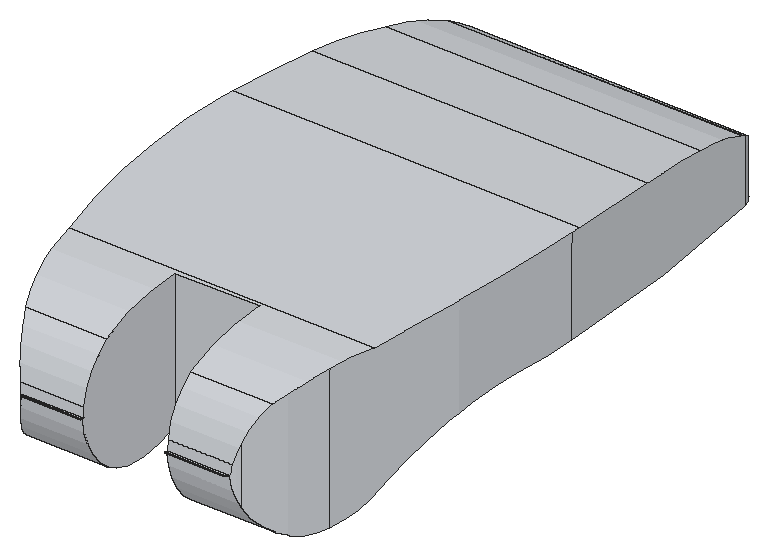
Revit family "Lighting-Stradale-GEWISS-STREET[O3]-ARMATURE-LED_OTTICA_CICLOPEDONALE", category Apparecchi per illuminazione, Revit 2019
Family settings
  Quota connettore circolare = Usa diametro
  Tipo di parte = Normale
  Numero OmniClass = 23.80.70.00
  Titolo OmniClass = Lighting
  Basato su piano di lavoro = No
  Sempre verticale = Sì
  Taglio con vuoti quando caricato = No
  Sorgente d'illuminazione = No
  Condiviso = No
  Punto di calcolo locali = No
Parameters (values of type "GWS7111 - STREET LED 2M 4000K 700mA CICLOP")
  Voltaggio = 230 V
  Visibility_label [instance] = yes
  Vetro = GEWISS - Led - lm 650 / Temp_3000_K
  Versione file RFA = "20.11"
  URL = "https://www.gewiss.com/it/it"
  Tipologia = "Stand alone"
  Tipo versione = ""
  Tipo alimentatore = "Driver Led in corrente continua"
  Tensione: = "220/240 V - 50/60 Hz"
  Tensione = "220/240 V - 50/60 Hz - Stand alone e/o dimmerabile 1-10 V"
  Temperatura di utilizzo = "-25 +35 °C"
  Temperatura di funzionamento = "-25 +25 °C"
  Temperatura di colore: = "4000 K (CRI 70)"
  Temperatura di colore = "4000 K (CRI 70)"
  Superficie massima esposta al vento = "0,26M2"
  Struttura = none
  Spostamento_Y_etichetta [instance] = 0 mm
  Spostamento_Y_effettivo_etichetta [instance] = 1500 mm + Spostamento_Y_etichetta  # 1500 mm
  Spostamento_X_etichetta [instance] = 0 mm
  Spostamento_X_effettivo_etichetta [instance] = 1500 mm - Spostamento_X_etichetta  # 1500 mm
  Scheda Tecnica = "https://www.gewiss.com/it/it/search?q=GWS7111"
  SIMBOLO [instance] = yes
  SEO = "Stradale"
  Rischio fotobiologico: = "RG1/RG2 @ 20cm"
  Rischio fotobiologico = "RG1/RG2 @ 20cm"
  Resistenza agli urti = "IK08 CORPO - IK06 LENTI"
  Regolazione inclinazione = "±20° sbraccio - 0°÷20° testa palo"
  Produttore = "GEWISS S.p.A."
  Potenza di sistema = "68W"
  Peso (kg): = "9,1"
  Peso (kg) = "9,1"
  Ottica = "Ciclopedonale - ULOR: 0%"
  Offset etichetta W [instance] = 75 mm
  Numero moduli = "2 (2x16 LED)"
  Numero di poli = 2
  N. moduli Chorus = "2 (2x16 LED)"
  Modello = "GWS7111"
  Materiale = "Pressofusione di alluminio"
  Lumen output (lm) = "6330"
  Lampada: = "LED"
  Lampada = "LED"
  L_staffa = 120 mm
  LED LifeTime (L90B20) = "50000H"
  LED LifeTime (L80B20) = "50000H"
  LED Life time (L80B10) = "100000H"
  Immagine tipo = GWS7001.jpg
  IFC.TypeObject = ""
  IFC.ExportType = ""
  IFC.ExportAs = ""
  IDT = "fe79b716-81a6-4571-bc62-3b977ad29964"
  IDF = "5129b26e-1484-42cf-ac1d-f4a2ab76f4d2"
  Grado di protezione = "IP66"
  Garanzia = "5 anni"
  FunzionalitÃ  alimentatore = ""
  Flusso nominale (lm) = "8050"
  ETICHETTA W [instance] = yes
  Distanza minima dall'oggetto illuminato = "1M"
  Descrizione = "STREET LED 2M 4000K 700mA CICLOPEDONALE"
  Creato da GEWISS S.p.A. = ""
  Corrente di pilotaggio LED = "700 mA"
  Commenti sul wattaggio = "68W"
  Colore = "Grafite/Alluminio"
  Codice Electrocod = "244C"
  Codice EAN = "8011564804913"
  Classe isolamento = "II"
  Catalogo Serie = "STREET [O3]"
  Catalogo = "LIGHTING"
  Carico apparente = 68 VA
  COBie.Tagnumber = ""
  COBie.CreatedOn = ""
  COBie.CreatebBy = ""
  COBie.ComponentRegisterItemID = ""
  COBie.Component.TagNumber = ""
  COBie.Component.Space = ""
  COBie.Component.SerialNumber = ""
  COBie.Component.InstallationDate = ""
  COBie.Component.Description = ""
  COBie.Component.BarCode = ""
  BIDIMENSIONALE [instance] = not(SIMBOLO)  # no
  Applicazione = "Esterno"
  Altezza da terra testa staffa = 821.938 mm
Types (7, lengths in mm): name | Tipologia | Tipo alimentatore | Tensione | Temperatura di utilizzo | Temperatura di funzionamento | Temperatura di colore: | Temperatura di colore | Scheda Tecnica | Rischio fotobiologico | Potenza di sistema | Peso (kg): | Peso (kg) | Numero moduli | N. moduli Chorus | Modello | Materiale | Lumen output (lm) | LED LifeTime (L90B20) | LED Life time (L80B10) | IDT | Flusso nominale (lm) | Descrizione | Commenti sul wattaggio | Codice Electrocod | Codice EAN | Carico apparente
  (no name) | "Stand alone" | "Driver Led in corrente continua" | "220/240 V - 50/60 Hz - Stand alone e/o dimmerabile 1-10 V" | "-25 +35 °C" | "-25 +25 °C" | "4000 K (CRI 70)" | "4000 K (CRI 70)" | "https://www.gewiss.com/it/it/search?q=GWS7111" | "RG1/RG2 @ 20cm" | "68W" | "9,1" | "9,1" | "2 (2x16 LED)" | "2 (2x16 LED)" | "GWS7111" | "Pressofusione di alluminio" | "6330" | "50000H" | "100000H" | "fe79b716-81a6-4571-bc62-3b977ad29964" | "8050" | "STREET LED 2M 4000K 700mA CICLOPEDONALE" | "37W" | "244C" | "8011564804913" | 37 VA
  GWS7110 - STREET LED 1M 4000K 700mA CICLOP | "Stand alone" | "Driver Led in corrente continua" | "220/240 V - 50/60 Hz - Stand alone e/o dimmerabile 1-10 V" | "-25 +50 °C" | "-25 +25 °C" | "4000 K (CRI 70)" | "4000 K (CRI 70)" | "https://www.gewiss.com/it/it/search?q=GWS7110" | "RG1/RG2 @ 20cm" | "37W" | "8,5" | "8,5" | "1 (1x16 LED)" | "1 (1x16 LED)" | "GWS7110" | "Pressofusione di alluminio" | "3260" | "50000H" | "100000H" | "a0fb25a0-4e68-46a8-b0df-ea001d265249" | "4140" | "STREET LED 1M 4000K 700mA CICLOPEDONALE" | "37W" | "244C" | "8011564804807" | 37 VA
  GWS7111 - STREET LED 2M 4000K 700mA CICLOP | "Stand alone" | "Driver Led in corrente continua" | "220/240 V - 50/60 Hz - Stand alone e/o dimmerabile 1-10 V" | "-25 +35 °C" | "-25 +25 °C" | "4000 K (CRI 70)" | "4000 K (CRI 70)" | "https://www.gewiss.com/it/it/search?q=GWS7111" | "RG1/RG2 @ 20cm" | "68W" | "9,1" | "9,1" | "2 (2x16 LED)" | "2 (2x16 LED)" | "GWS7111" | "Pressofusione di alluminio" | "6330" | "50000H" | "100000H" | "fe79b716-81a6-4571-bc62-3b977ad29964" | "8050" | "STREET LED 2M 4000K 700mA CICLOPEDONALE" | "68W" | "244C" | "8011564804913" | 68 VA
  GWS7112 - STREET LED 3M 4000K 700mA CICLOP | "Stand alone" | "Driver Led in corrente continua" | "220/240 V - 50/60 Hz - Stand alone e/o dimmerabile 1-10 V" | "-25 +40 °C" | "-25 +25 °C" | "4000 K (CRI 70)" | "4000 K (CRI 70)" | "https://www.gewiss.com/it/it/search?q=GWS7112" | "RG1/RG2 @ 20cm" | "99W" | "9,6" | "9,6" | "3 (3x16 LED)" | "3 (3x16 LED)" | "GWS7112" | "Pressofusione di alluminio" | "9250" | "50000H" | "100000H" | "eb20ed4a-0eb5-4fdf-99d6-42564c8ce0b6" | "11740" | "STREET LED 3M 4000K 700mA CICLOPEDONALE" | "99W" | "244B" | "8011564804920" | 99 VA
  GWS7110V - STREET LED 1M 4000K 700mA CICLOP | "Programmabile (5 passi)" | "" | "220/240 V - 50/60 Hz - Stand alone e/o Programmabile" | "-25 +25 °C" | "" | "4000 K (CRI>70)" | "" | "https://www.gewiss.com/it/it/search?q=GWS7110V" | "" | "37W" | "8,5" | "" | "1 (1x16 LED)" | "" | "GWS7110V" | "" | "3260" | "" | "" | "2ec8a7a59c8c4ecd96e902750527e753" | "4140" | "STREET LED 1M 4000K 700mA CICLOP" | "37W" | "244C" | "" | 37 VA
  GWS7111V - STREET LED 2M 4000K 700mA CICLOP | "Programmabile (5 passi)" | "" | "220/240 V - 50/60 Hz - Stand alone e/o Programmabile" | "-25 +25 °C" | "" | "4000 K (CRI>70)" | "" | "https://www.gewiss.com/it/it/search?q=GWS7111V" | "" | "68W" | "9,09999999999999" | "" | "2 (2x16 LED)" | "" | "GWS7111V" | "" | "6330" | "" | "" | "2d757fb52362451291b8892b263916a1" | "8050" | "STREET LED 2M 4000K 700mA CICLOP" | "68W" | "244C" | "" | 68 VA
  GWS7112V - STREET LED 3M 4000K 700mA CICLOP | "Programmabile (5 passi)" | "" | "220/240 V - 50/60 Hz - Stand alone e/o Programmabile" | "-25 +25 °C" | "" | "4000 K (CRI>70)" | "" | "https://www.gewiss.com/it/it/search?q=GWS7112V" | "" | "99W" | "9,59999999999999" | "" | "3 (3x16 LED)" | "" | "GWS7112V" | "" | "9250" | "" | "" | "2a1c5ae46678455ea16e05335c72e720" | "11740" | "STREET LED 3M 4000K 700mA CICLOP" | "99W" | "244B" | "" | 99 VA
Reference planes
  plane 1 "Centro (Fronte/Retro)": y = 0
  plane 2: z = 0
  plane 3 "Centro (Sinistra/Destra)": x = 0
  plane 4 "led": z = 1095.365
  plane 5: z = -92
  plane 6: z = 169
  plane 7: z = 144
  plane 8: z = -3
  plane 9: x = -1500
  plane 10: y = -1500
  plane 11: y = 0
  plane 12: x = 0
Forms (mm)
  Extrusion 1, solid
    sketch origin (0, -69.915, 0) x (1, 0, 0) y (0, 1, 0)
      loop
        arc (-148.369, 708.85) -> (-161.088, 701.122) -> (-167.86, 687.87) r 27.287
        arc (-167.86, 687.87) -> (-190.309, 543.599) -> (-200.613, 397.956) r 1744.28
        arc (-200.613, 397.956) -> (-193.473, 245.187) -> (-163.443, 95.229) r 1014.191
        arc (-163.443, 95.229) -> (-148.364, 53.068) -> (-127.521, 13.439) r 318.465
        arc (-127.521, 13.439) -> (-121.67, 6.813) -> (-113.954, 2.501) r 26.295
        line (-113.954, 2.501) -> (-49.198, 2.501) -> (-49.198, 137.329) -> (47.802, 138.583) -> (47.802, 2.502) -> (113.955, 2.502)
        arc (113.955, 2.502) -> (121.67, 6.814) -> (127.521, 13.439) r 26.295
        arc (127.521, 13.439) -> (148.364, 53.068) -> (163.443, 95.229) r 318.465
        arc (163.443, 95.229) -> (193.473, 245.187) -> (200.613, 397.956) r 1014.191
        arc (200.613, 397.956) -> (190.309, 543.599) -> (167.86, 687.87) r 1744.28
        arc (167.86, 687.87) -> (160.933, 701.288) -> (147.93, 708.968) r 27.287
        arc (147.93, 708.968) -> (-0.228, 728.984) -> (-148.369, 708.85) r 556.679
    from -91.533 to 144
  Extrusion 2, void
    sketch origin (0, -72.415, -1095.365) x (0, 1, 0) y (0, 0, 1)
      loop
        line (688.634, 1095.364) -> (323.86, 1095.365)
        arc (323.86, 1095.365) -> (263.459, 1089.221) -> (205.531, 1071.043) r 299.999
        arc (205.531, 1071.043) -> (173.188, 1054.998) -> (142.802, 1035.498) r 328.156
        arc (142.802, 1035.498) -> (108.513, 1022.814) -> (71.972, 1021.648) r 113.881
        arc (71.972, 1021.648) -> (26.51, 1048.717) -> (8.217, 1098.365) r 79.247
        line (8.217, 1098.365) -> (5.002, 1098.365) -> (5.002, 1003.832) -> (731.484, 1003.832) -> (731.484, 1129.989)
        arc (731.484, 1129.989) -> (729.037, 1130.708) -> (726.583, 1131.409) r 350.56
        arc (726.583, 1131.409) -> (714.803, 1105.812) -> (688.634, 1095.364) r 38
    from -250.415 to 250
  Extrusion 3, void
    sketch origin (0, -72.415, -1094.912) x (0, 1, 0) y (0, 0, 1)
      loop
        line (683.93, 1169.668) -> (687.592, 1167.887)
        arc (687.592, 1167.887) -> (717.132, 1148.356) -> (740.002, 1121.318) r 124.886
        line (740.002, 1121.318) -> (740.002, 1263.912) -> (5.002, 1263.912) -> (5.002, 1098.863) -> (8.572, 1098.863)
        arc (8.572, 1098.863) -> (9.034, 1104.506) -> (9.836, 1110.111) r 93.455
        arc (9.836, 1110.111) -> (20.97, 1140.802) -> (41.983, 1165.79) r 93.455
        arc (41.983, 1165.79) -> (92.961, 1183.825) -> (146.686, 1189.963) r 239.488
        arc (146.686, 1189.963) -> (279.294, 1202.642) -> (412.472, 1205.668) r 1835.264
        arc (412.472, 1205.668) -> (465.948, 1204.556) -> (519.402, 1202.672) r 3708.846
        arc (519.402, 1202.672) -> (564.806, 1199.024) -> (609.805, 1191.96) r 603.307
        arc (609.805, 1191.96) -> (647.763, 1183.793) -> (683.93, 1169.668) r 242.275
    from -220.356 to 250
  Extrusion 4, void
    sketch origin (0, -72.415, 1095.365) x (0, -1, 0) y (1, 0, 0)
      loop
        arc (-616.943, -129.057) -> (-510.953, -137.961) -> (-405.191, -126.663) r 559.959
        arc (-405.191, -126.663) -> (-399.103, -123.067) -> (-396.665, -116.429) r 10.527
        line (-396.665, -116.429) -> (-396.665, 116.23)
        arc (-396.665, 116.23) -> (-399.043, 122.98) -> (-405.188, 126.649) r 10.526
        arc (-405.188, 126.649) -> (-510.973, 137.948) -> (-616.987, 129.035) r 559.959
        arc (-616.987, 129.035) -> (-623.275, 125.395) -> (-625.707, 118.549) r 10.526
        line (-625.707, 118.549) -> (-625.707, -0.007) -> (-625.707, -118.579)
        arc (-625.707, -118.579) -> (-623.256, -125.432) -> (-616.943, -129.057) r 10.527
    from -1098.365 to -1092.365
  Extrusion 5, solid, material "GEWISS - Led - lm 650 / Temp_3000_K" <- "Vetro"
    sketch origin (0, 0, 1095.365) x (0, -1, 0) y (1, 0, 0)
      loop
        arc (-616.943, -129.057) -> (-510.953, -137.961) -> (-405.191, -126.663) r 559.959
        arc (-405.191, -126.663) -> (-399.103, -123.067) -> (-396.665, -116.429) r 10.527
        line (-396.665, -116.429) -> (-396.665, 116.23)
        arc (-396.665, 116.23) -> (-399.043, 122.98) -> (-405.188, 126.649) r 10.526
        arc (-405.188, 126.649) -> (-510.973, 137.948) -> (-616.987, 129.035) r 559.959
        arc (-616.987, 129.035) -> (-623.275, 125.395) -> (-625.707, 118.549) r 10.526
        line (-625.707, 118.549) -> (-625.707, -0.007) -> (-625.707, -118.579)
        arc (-625.707, -118.579) -> (-623.256, -125.432) -> (-616.943, -129.057) r 10.527
    from -1098.365 to -1095.365
Cuts and joins
  Extrusion 2, Extrusion 3, Extrusion 4 cuts Extrusion 1
Lines and regions (mm)
  Masking region 1, visible <- "BIDIMENSIONALE"
    outline origin (0, -72.415, 0) x (1, 0, 0) y (0, 1, 0)
      loop
        arc (-163.443, 97.729) -> (-148.364, 55.568) -> (-127.521, 15.939) r 318.465
        arc (-127.521, 15.939) -> (-121.67, 9.313) -> (-113.954, 5.001) r 26.295
        line (-113.954, 5.001) -> (-49.198, 5.001) -> (-49.198, 139.829) -> (47.802, 139.829) -> (47.802, 5.002) -> (113.955, 5.002)
        arc (113.955, 5.002) -> (121.67, 9.314) -> (127.521, 15.939) r 26.295
        arc (127.521, 15.939) -> (148.364, 55.568) -> (163.443, 97.729) r 318.465
        arc (163.443, 97.729) -> (193.473, 247.687) -> (200.613, 400.456) r 1014.191
        arc (200.613, 400.456) -> (190.309, 546.099) -> (167.86, 690.37) r 1744.28
        arc (167.86, 690.37) -> (160.842, 703.703) -> (147.93, 711.468) r 27.998
        arc (147.93, 711.468) -> (-0.228, 731.484) -> (-148.369, 711.35) r 556.679
        arc (-148.369, 711.35) -> (-161.088, 703.622) -> (-167.86, 690.37) r 27.287
        arc (-167.86, 690.37) -> (-190.309, 546.099) -> (-200.613, 400.456) r 1744.28
        arc (-200.613, 400.456) -> (-193.473, 247.687) -> (-163.443, 97.729) r 1014.191
  Masking region 2
    outline origin (0.15, 0, -1127.191) x (1, 0, 0) y (0, 0, 1)
      loop
        line (216.631, 1238.912) -> (-233.592, 1238.912) -> (-233.592, 1114.595) -> (216.631, 1114.595) -> (216.631, 1238.912)
  Masking region 3
    outline origin (0.15, 0, -1127.191) x (1, 0, 0) y (0, 0, 1)
      loop
        line (40.421, 1050.94) -> (176.081, 1050.94)
        spline (176.081, 1050.94) -> (178.783, 1060.222) -> (181.45, 1068.838) -> (184.075, 1076.767) -> (186.653, 1083.99) -> (189.177, 1090.489) -> (191.64, 1096.248) -> (194.037, 1101.252) -> (196.361, 1105.49) -> (198.608, 1108.951) -> (200.77, 1111.626) -> (202.844, 1113.509) -> (204.824, 1114.595)
        line (204.824, 1114.595) -> (-222.524, 1114.595)
        spline (-222.524, 1114.595) -> (-220.394, 1113.595) -> (-218.186, 1111.782) -> (-215.904, 1109.161) -> (-213.554, 1105.739) -> (-211.142, 1101.523) -> (-208.674, 1096.525) -> (-206.156, 1090.757) -> (-203.594, 1084.234) -> (-200.995, 1076.971) -> (-198.366, 1068.988) -> (-195.712, 1060.304) -> (-193.041, 1050.94)
        line (-193.041, 1050.94) -> (-56.362, 1051.009)
        spline (-56.362, 1051.009) -> (-56.021, 1053.409) -> (-55.614, 1055.768) -> (-55.141, 1058.083) -> (-54.603, 1060.355) -> (-54, 1062.582) -> (-53.332, 1064.763) -> (-52.6, 1066.897) -> (-51.803, 1068.984) -> (-50.942, 1071.023) -> (-50.017, 1073.013) -> (-49.029, 1074.953) -> (-47.979, 1076.842)
        spline (-47.979, 1076.842) -> (-47.674, 1077.194) -> (-47.291, 1077.529) -> (-46.836, 1077.845) -> (-46.313, 1078.138) -> (-45.726, 1078.404) -> (-45.084, 1078.641) -> (-44.392, 1078.846) -> (-43.658, 1079.018) -> (-42.89, 1079.153) -> (-42.096, 1079.251) -> (-41.285, 1079.311) -> (-40.465, 1079.331)
        spline (-40.465, 1079.331) -> (-34.853, 1079.503) -> (-29.237, 1079.637) -> (-23.616, 1079.732) -> (-17.993, 1079.79) -> (-12.369, 1079.809) -> (-6.745, 1079.789) -> (-1.122, 1079.732) -> (4.498, 1079.636) -> (10.115, 1079.502) -> (15.726, 1079.33) -> (21.332, 1079.12) -> (26.929, 1078.871)
        spline (26.929, 1078.871) -> (27.63, 1078.802) -> (28.312, 1078.702) -> (28.972, 1078.573) -> (29.603, 1078.415) -> (30.202, 1078.231) -> (30.762, 1078.02) -> (31.28, 1077.786) -> (31.752, 1077.529) -> (32.173, 1077.252) -> (32.54, 1076.958) -> (32.851, 1076.647) -> (33.103, 1076.324)
        spline (33.103, 1076.324) -> (34.027, 1074.475) -> (34.895, 1072.576) -> (35.707, 1070.626) -> (36.462, 1068.626) -> (37.159, 1066.578) -> (37.799, 1064.482) -> (38.381, 1062.338) -> (38.906, 1060.148) -> (39.372, 1057.913) -> (39.781, 1055.632) -> (40.13, 1053.308) -> (40.421, 1050.94)
  Masking region 4
    outline origin (0, -75, -1096.603) x (0, 1, 0) y (0, 0, 1)
      loop
        arc (146.686, 1189.963) -> (92.961, 1183.825) -> (41.983, 1165.79) r 239.488
        arc (41.983, 1165.79) -> (17.055, 1133.245) -> (8.454, 1093.162) r 93.455
        arc (8.454, 1093.162) -> (28.207, 1046.742) -> (71.972, 1021.648) r 79.247
        arc (71.972, 1021.648) -> (108.513, 1022.814) -> (142.802, 1035.498) r 113.881
        arc (142.802, 1035.498) -> (173.188, 1054.998) -> (205.531, 1071.043) r 328.156
        arc (205.531, 1071.043) -> (263.459, 1089.221) -> (323.86, 1095.365) r 299.999
        line (323.86, 1095.365) -> (688.634, 1095.364)
        arc (688.634, 1095.364) -> (714.803, 1105.812) -> (726.583, 1131.409) r 38
        arc (726.583, 1131.409) -> (729.037, 1130.708) -> (731.484, 1129.989) r 350.56
        line (731.484, 1129.989) -> (731.484, 1133.282)
        arc (731.484, 1133.282) -> (711.045, 1153.427) -> (686.547, 1168.375) r 124.886
        arc (686.547, 1168.375) -> (649.16, 1183.369) -> (609.805, 1191.96) r 242.275
        arc (609.805, 1191.96) -> (564.806, 1199.024) -> (519.402, 1202.672) r 603.307
        arc (519.402, 1202.672) -> (465.948, 1204.556) -> (412.472, 1205.668) r 3708.846
        arc (412.472, 1205.668) -> (279.294, 1202.642) -> (146.686, 1189.963) r 1835.264
  symbolic lines, style "InvisibleLines"
    curve 1: line (-0.698, -25, 1095.365) -> (-0.698, 30, 1095.365)
    curve 2: line (29.302, 0, 1095.365) -> (-20.698, 0, 1095.365)
    curve 3: line (0, 0, 45) -> (0, 0, -35)
    curve 4: line (0, 0, 35) -> (0, 0, -35)
Dimensions and locks
  locked: plane 6 to plane 7 at 25
  locked: plane 2 to plane 5 at 92
  locked: level to plane 8 at 3
  plane 9 to plane 3 "Centro (Sinistra/Destra)" = 1500 mm
  plane 10 to plane 1 "Centro (Fronte/Retro)" = 1500 mm
  "Spostamento_Y_effettivo_etichetta": plane 11 to plane 10
  "Spostamento_X_effettivo_etichetta": plane 9 to plane 12
  aligned and locked: level to plane 2
  aligned and locked: Extrusion 1 to Extrusion 2
  aligned and locked: plane 7 to Extrusion 1
  aligned and locked: Extrusion 5 to plane 8
  aligned and locked: plane 2 to Extrusion 5
  aligned and locked: Extrusion 4 to plane 8
  aligned and locked: Extrusion 2 to Extrusion 4
  aligned and locked: nested 1 to plane 1 "Centro (Fronte/Retro)"
  aligned and locked: nested 2 to plane 11
  aligned and locked: plane 12 to nested 2
Automatic sketch dimensions
  curve 3 to plane 1 "Centro (Fronte/Retro)" = 0 mm
  curve 3 to plane 8 = 32 mm
  level to curve 4 = 35 mm
  curve 4 to curve 3 = 10 mm
  Extrusion 1 sketch curve to plane 9 = 42.945 mm
  Extrusion 1 sketch curve to plane 1 "Centro (Fronte/Retro)" = 298.871 mm  (x2)
  Extrusion 1 sketch curve to plane 3 "Centro (Sinistra/Destra)" = 143.219 mm
  Extrusion 1 sketch curve to plane 3 "Centro (Sinistra/Destra)" = 141.097 mm
  Extrusion 1 sketch curve to plane 3 "Centro (Sinistra/Destra)" = 113.954 mm
  Extrusion 1 sketch curve to Extrusion 1 sketch curve = 8.788 mm  (x2)
  Extrusion 1 sketch curve to plane 3 "Centro (Sinistra/Destra)" = 49.198 mm
  Extrusion 1 sketch curve to plane 3 "Centro (Sinistra/Destra)" = 0.007 mm
  plane 3 "Centro (Sinistra/Destra)" to Extrusion 1 sketch curve = 47.802 mm
  Extrusion 1 sketch curve to Extrusion 1 sketch curve = 57.365 mm
  plane 3 "Centro (Sinistra/Destra)" to Extrusion 1 sketch curve = 141.097 mm
  Extrusion 1 sketch curve to Extrusion 1 sketch curve = 95.417 mm
  Extrusion 1 sketch curve to Extrusion 1 sketch curve = 669.939 mm
  Extrusion 1 sketch curve to Extrusion 1 sketch curve = 729.787 mm
  Extrusion 1 sketch curve to plane 1 "Centro (Fronte/Retro)" = 277.872 mm  (x2)
  Extrusion 1 sketch curve to plane 1 "Centro (Fronte/Retro)" = 111.213 mm  (x2)
  Extrusion 1 sketch curve to plane 1 "Centro (Fronte/Retro)" = 102.39 mm
  Extrusion 1 sketch curve to Extrusion 1 sketch curve = 33.723 mm
  Extrusion 1 sketch curve to Extrusion 1 sketch curve = 34.976 mm
  plane 1 "Centro (Fronte/Retro)" to Extrusion 1 sketch curve = 42.631 mm  (x2)
  Extrusion 1 sketch curve to Extrusion 1 sketch curve = 24.783 mm  (x2)
  Extrusion 1 sketch curve to Extrusion 1 sketch curve = 501.421 mm
  Extrusion 1 sketch curve to Extrusion 1 sketch curve = 0 mm  (x8)
  Extrusion 1 sketch curve to plane 3 "Centro (Sinistra/Destra)" = 200.613 mm
  Extrusion 1 sketch curve to Extrusion 1 sketch curve = 6.833 mm
  plane 5 to Extrusion 2 sketch curve = 0.467 mm
  plane 1 "Centro (Fronte/Retro)" to Extrusion 2 sketch curve = 67.414 mm
  Extrusion 2 sketch curve to Extrusion 2 sketch curve = 3.216 mm
  Extrusion 2 sketch curve to plane 1 "Centro (Fronte/Retro)" = 14.245 mm
  level to Extrusion 2 sketch curve = 4.003 mm
  Extrusion 2 sketch curve to plane 1 "Centro (Fronte/Retro)" = 15.042 mm
  Extrusion 2 sketch curve to plane 1 "Centro (Fronte/Retro)" = 251.444 mm
  Extrusion 2 sketch curve to Extrusion 2 sketch curve = 11.106 mm
  Extrusion 2 sketch curve to Extrusion 2 sketch curve = 296.536 mm
  Extrusion 2 sketch curve to level = 0 mm
  Extrusion 2 sketch curve to Extrusion 2 sketch curve = 57.132 mm
  Extrusion 2 sketch curve to Extrusion 2 sketch curve = 0 mm  (x3)
  Extrusion 2 sketch curve to Extrusion 2 sketch curve = 42.851 mm
  Extrusion 2 sketch curve to plane 5 = 207.999 mm
  Extrusion 2 sketch curve to plane 5 = 209.375 mm
  Extrusion 2 sketch curve to Extrusion 2 sketch curve = 25.874 mm
  level to Extrusion 2 sketch curve = 3 mm
  level to Extrusion 2 sketch curve = 34.625 mm
  level to Extrusion 2 sketch curve = 38 mm
  Extrusion 2 sketch curve to Extrusion 2 sketch curve = 35.21 mm
  plane 1 "Centro (Fronte/Retro)" to Extrusion 2 sketch curve = 0.443 mm
  plane 5 to Extrusion 2 sketch curve = 32.133 mm
  level to Extrusion 2 sketch curve = 0 mm
  Extrusion 2 sketch curve to Extrusion 2 sketch curve = 118.329 mm
  Extrusion 3 sketch curve to Extrusion 3 sketch curve = 0 mm  (x4)
  Extrusion 3 sketch curve to plane 6 = 0 mm
  plane 1 "Centro (Fronte/Retro)" to Extrusion 3 sketch curve = 67.414 mm
  Extrusion 3 sketch curve to Extrusion 3 sketch curve = 3.571 mm
  Extrusion 3 sketch curve to level = 0.838 mm
  Extrusion 3 sketch curve to plane 1 "Centro (Fronte/Retro)" = 29.489 mm
  Extrusion 3 sketch curve to plane 1 "Centro (Fronte/Retro)" = 74.419 mm
  Extrusion 3 sketch curve to plane 1 "Centro (Fronte/Retro)" = 289.683 mm
  Extrusion 3 sketch curve to plane 1 "Centro (Fronte/Retro)" = 315.13 mm
  Extrusion 3 sketch curve to plane 1 "Centro (Fronte/Retro)" = 421.399 mm
  Extrusion 3 sketch curve to plane 5 = 51.129 mm
  Extrusion 3 sketch curve to Extrusion 3 sketch curve = 84.174 mm
  Extrusion 3 sketch curve to plane 8 = 36.913 mm
  Extrusion 3 sketch curve to Extrusion 3 sketch curve = 56.191 mm
  Extrusion 3 sketch curve to plane 7 = 69.245 mm
  Extrusion 3 sketch curve to Extrusion 3 sketch curve = 49.751 mm
  Extrusion 3 sketch curve to plane 7 = 71.025 mm
  Extrusion 3 sketch curve to Extrusion 3 sketch curve = 3.662 mm
  Extrusion 3 sketch curve to Extrusion 3 sketch curve = 52.41 mm
  Extrusion 3 sketch curve to plane 5 = 52.437 mm
  Extrusion 3 sketch curve to Extrusion 3 sketch curve = 351.876 mm
  Extrusion 3 sketch curve to Extrusion 3 sketch curve = 1229.335 mm
  Extrusion 3 sketch curve to Extrusion 3 sketch curve = 1873.409 mm
  level to Extrusion 3 sketch curve = 3.951 mm
  Extrusion 3 sketch curve to Extrusion 3 sketch curve = 1.263 mm
  plane 1 "Centro (Fronte/Retro)" to Extrusion 3 sketch curve = 30.433 mm
  Extrusion 3 sketch curve to plane 7 = 48.949 mm
  plane 3 "Centro (Sinistra/Destra)" to Extrusion 4 sketch curve = 118.549 mm
  Extrusion 4 sketch curve to plane 1 "Centro (Fronte/Retro)" = 553.292 mm
  Extrusion 4 sketch curve to Extrusion 4 sketch curve = 10.525 mm
  Extrusion 4 sketch curve to Extrusion 4 sketch curve = 10.526 mm  (x2)
  Extrusion 4 sketch curve to Extrusion 4 sketch curve = 97.901 mm
  Extrusion 4 sketch curve to Extrusion 4 sketch curve = 97.9 mm
  Extrusion 4 sketch curve to Extrusion 4 sketch curve = 207.99 mm
  Extrusion 4 sketch curve to Extrusion 4 sketch curve = 207.991 mm
  plane 3 "Centro (Sinistra/Destra)" to Extrusion 4 sketch curve = 116.315 mm
  Extrusion 4 sketch curve to Extrusion 4 sketch curve = 0.086 mm
  Extrusion 4 sketch curve to plane 3 "Centro (Sinistra/Destra)" = 0.007 mm
  Extrusion 4 sketch curve to plane 3 "Centro (Sinistra/Destra)" = 116.328 mm
  Extrusion 4 sketch curve to Extrusion 4 sketch curve = 0.101 mm
  Extrusion 4 sketch curve to Extrusion 4 sketch curve = 118.572 mm
  Extrusion 4 sketch curve to Extrusion 4 sketch curve = 0.1 mm
  Extrusion 4 sketch curve to Extrusion 4 sketch curve = 303.297 mm  (x2)
  Extrusion 4 sketch curve to Extrusion 4 sketch curve = 0.116 mm
  Extrusion 4 sketch curve to Extrusion 4 sketch curve = 1.805 mm
  Extrusion 4 sketch curve to Extrusion 4 sketch curve = 1.762 mm
  plane 3 "Centro (Sinistra/Destra)" to Extrusion 5 sketch curve = 118.549 mm
  Extrusion 5 sketch curve to plane 1 "Centro (Fronte/Retro)" = 625.707 mm
  Extrusion 5 sketch curve to Extrusion 5 sketch curve = 10.525 mm
  Extrusion 5 sketch curve to Extrusion 5 sketch curve = 10.526 mm  (x2)
  Extrusion 5 sketch curve to Extrusion 5 sketch curve = 97.901 mm
  Extrusion 5 sketch curve to Extrusion 5 sketch curve = 97.9 mm
  Extrusion 5 sketch curve to Extrusion 5 sketch curve = 207.99 mm
  Extrusion 5 sketch curve to Extrusion 5 sketch curve = 207.991 mm
  plane 3 "Centro (Sinistra/Destra)" to Extrusion 5 sketch curve = 116.315 mm
  Extrusion 5 sketch curve to Extrusion 5 sketch curve = 0.086 mm
  Extrusion 5 sketch curve to plane 3 "Centro (Sinistra/Destra)" = 0.007 mm
  Extrusion 5 sketch curve to plane 3 "Centro (Sinistra/Destra)" = 116.328 mm
  Extrusion 5 sketch curve to Extrusion 5 sketch curve = 0.101 mm
  Extrusion 5 sketch curve to Extrusion 5 sketch curve = 118.572 mm
  Extrusion 5 sketch curve to Extrusion 5 sketch curve = 0.1 mm
  Extrusion 5 sketch curve to Extrusion 5 sketch curve = 303.297 mm  (x2)
  Extrusion 5 sketch curve to Extrusion 5 sketch curve = 0.116 mm
  Extrusion 5 sketch curve to Extrusion 5 sketch curve = 1.805 mm
  Extrusion 5 sketch curve to Extrusion 5 sketch curve = 1.762 mm
  plane 1 "Centro (Fronte/Retro)" to curve 2 = 0 mm
  curve 2 to plane 3 "Centro (Sinistra/Destra)" = 20.698 mm
  curve 1 to plane 3 "Centro (Sinistra/Destra)" = 0.698 mm
  curve 1 to plane 1 "Centro (Fronte/Retro)" = 30 mm
  plane 1 "Centro (Fronte/Retro)" to curve 1 = 25 mm
  plane 3 "Centro (Sinistra/Destra)" to curve 2 = 29.302 mm
  Masking region 1 sketch curve to plane 9 = 42.945 mm
  Masking region 1 sketch curve to plane 1 "Centro (Fronte/Retro)" = 298.871 mm  (x2)
  Masking region 1 sketch curve to plane 3 "Centro (Sinistra/Destra)" = 143.219 mm
  Masking region 1 sketch curve to plane 3 "Centro (Sinistra/Destra)" = 141.097 mm
  Masking region 1 sketch curve to plane 3 "Centro (Sinistra/Destra)" = 113.954 mm
  Masking region 1 sketch curve to Masking region 1 sketch curve = 8.788 mm  (x2)
  Masking region 1 sketch curve to plane 3 "Centro (Sinistra/Destra)" = 49.198 mm
  Masking region 1 sketch curve to plane 3 "Centro (Sinistra/Destra)" = 0.007 mm
  plane 3 "Centro (Sinistra/Destra)" to Masking region 1 sketch curve = 47.802 mm
  Masking region 1 sketch curve to Masking region 1 sketch curve = 57.365 mm
  plane 3 "Centro (Sinistra/Destra)" to Masking region 1 sketch curve = 140.49 mm
  Masking region 1 sketch curve to Masking region 1 sketch curve = 95.417 mm
  Masking region 1 sketch curve to Masking region 1 sketch curve = 669.939 mm
  Masking region 1 sketch curve to Masking region 1 sketch curve = 729.787 mm
  Masking region 1 sketch curve to plane 1 "Centro (Fronte/Retro)" = 277.872 mm  (x2)
  Masking region 1 sketch curve to plane 1 "Centro (Fronte/Retro)" = 111.213 mm  (x2)
  Masking region 1 sketch curve to plane 1 "Centro (Fronte/Retro)" = 102.39 mm
  Masking region 1 sketch curve to Masking region 1 sketch curve = 34.976 mm
  plane 1 "Centro (Fronte/Retro)" to Masking region 1 sketch curve = 42.631 mm  (x2)
  Masking region 1 sketch curve to Masking region 1 sketch curve = 24.783 mm  (x2)
  Masking region 1 sketch curve to Masking region 1 sketch curve = 500.847 mm
  Masking region 1 sketch curve to Masking region 1 sketch curve = 0.574 mm
  Masking region 1 sketch curve to plane 3 "Centro (Sinistra/Destra)" = 200.613 mm
  Masking region 1 sketch curve to Masking region 1 sketch curve = 0 mm  (x7)
  Masking region 1 sketch curve to Masking region 1 sketch curve = 27.371 mm
  Masking region 2 sketch curve to plane 7 = 32.278 mm
  Masking region 2 sketch curve to plane 3 "Centro (Sinistra/Destra)" = 233.441 mm
  Masking region 2 sketch curve to plane 8 = 9.595 mm
  plane 3 "Centro (Sinistra/Destra)" to Masking region 2 sketch curve = 216.782 mm
  Masking region 3 sketch curve to plane 8 = 9.595 mm
  Masking region 3 sketch curve to plane 3 "Centro (Sinistra/Destra)" = 222.373 mm
  plane 5 to Masking region 3 sketch curve = 15.75 mm  (x2)
  Masking region 3 sketch curve to Masking region 3 sketch curve = 29.482 mm
  plane 5 to Masking region 3 sketch curve = 15.818 mm
  Masking region 3 sketch curve to plane 3 "Centro (Sinistra/Destra)" = 56.212 mm
  plane 3 "Centro (Sinistra/Destra)" to Masking region 3 sketch curve = 40.572 mm
  Masking region 3 sketch curve to Masking region 3 sketch curve = 135.66 mm
  Masking region 3 sketch curve to Masking region 3 sketch curve = 28.743 mm
  Masking region 3 sketch curve to Masking region 3 sketch curve = 2.038 mm
  Masking region 3 sketch curve to plane 3 "Centro (Sinistra/Destra)" = 188.596 mm
  Masking region 3 sketch curve to plane 3 "Centro (Sinistra/Destra)" = 116.146 mm
  Masking region 3 sketch curve to Masking region 3 sketch curve = 7.959 mm
  Masking region 3 sketch curve to Masking region 3 sketch curve = 0.424 mm
  Masking region 3 sketch curve to Masking region 3 sketch curve = 7.425 mm
  Masking region 3 sketch curve to Masking region 3 sketch curve = 7.496 mm
  Masking region 3 sketch curve to Masking region 3 sketch curve = 0.017 mm
  Masking region 3 sketch curve to plane 3 "Centro (Sinistra/Destra)" = 12.222 mm
  plane 3 "Centro (Sinistra/Destra)" to Masking region 3 sketch curve = 22.032 mm
  Masking region 3 sketch curve to Masking region 3 sketch curve = 3.557 mm
  Masking region 3 sketch curve to Masking region 3 sketch curve = 1.491 mm
  Masking region 3 sketch curve to Masking region 3 sketch curve = 6.174 mm
  Masking region 3 sketch curve to Masking region 3 sketch curve = 0.391 mm
  plane 3 "Centro (Sinistra/Destra)" to Masking region 3 sketch curve = 109.539 mm
  plane 3 "Centro (Sinistra/Destra)" to Masking region 3 sketch curve = 164.802 mm
  Masking region 3 sketch curve to Masking region 3 sketch curve = 2.161 mm
  Masking region 3 sketch curve to plane 5 = 127.96 mm
  Masking region 3 sketch curve to Masking region 3 sketch curve = 200.712 mm
  Masking region 3 sketch curve to plane 5 = 87.773 mm
  Masking region 3 sketch curve to plane 5 = 97.01 mm
  Masking region 3 sketch curve to Masking region 3 sketch curve = 1.319 mm
  Masking region 4 sketch curve to plane 1 "Centro (Fronte/Retro)" = 11.66 mm
  level to Masking region 4 sketch curve = 2.764 mm
  Masking region 4 sketch curve to plane 1 "Centro (Fronte/Retro)" = 12.458 mm
  plane 8 to Masking region 4 sketch curve = 0.471 mm
  Masking region 4 sketch curve to Masking region 4 sketch curve = 14.447 mm
  Masking region 4 sketch curve to plane 1 "Centro (Fronte/Retro)" = 71.834 mm
  Masking region 4 sketch curve to Masking region 4 sketch curve = 177.026 mm
  Masking region 4 sketch curve to Masking region 4 sketch curve = 11.106 mm
  Masking region 4 sketch curve to plane 1 "Centro (Fronte/Retro)" = 287.099 mm
  Masking region 4 sketch curve to plane 1 "Centro (Fronte/Retro)" = 312.546 mm
  Masking region 4 sketch curve to Masking region 4 sketch curve = 158.848 mm
  Masking region 4 sketch curve to plane 5 = 52.82 mm
  Masking region 4 sketch curve to Masking region 4 sketch curve = 254.128 mm
  Masking region 4 sketch curve to Masking region 4 sketch curve = 53.513 mm
  Masking region 4 sketch curve to plane 8 = 38.604 mm
  Masking region 4 sketch curve to Masking region 4 sketch curve = 56.191 mm
  Masking region 4 sketch curve to level = 1.239 mm
  Masking region 4 sketch curve to Masking region 4 sketch curve = 54.455 mm
  Masking region 4 sketch curve to Masking region 4 sketch curve = 0 mm  (x5)
  Masking region 4 sketch curve to Masking region 4 sketch curve = 42.851 mm
  Masking region 4 sketch curve to plane 5 = 54.128 mm
  Masking region 4 sketch curve to plane 5 = 209.237 mm
  Masking region 4 sketch curve to Masking region 4 sketch curve = 157.793 mm
  Masking region 4 sketch curve to Masking region 4 sketch curve = 25.874 mm
  Masking region 4 sketch curve to Masking region 4 sketch curve = 169.584 mm
  Masking region 4 sketch curve to Masking region 4 sketch curve = 1229.335 mm
  Masking region 4 sketch curve to Masking region 4 sketch curve = 1873.409 mm
  level to Masking region 4 sketch curve = 33.386 mm
  Masking region 4 sketch curve to Masking region 4 sketch curve = 3.293 mm
  level to Masking region 4 sketch curve = 36.761 mm
  Masking region 4 sketch curve to Masking region 4 sketch curve = 35.21 mm
  plane 1 "Centro (Fronte/Retro)" to Masking region 4 sketch curve = 3.028 mm
  plane 1 "Centro (Fronte/Retro)" to Masking region 4 sketch curve = 33.017 mm
  Masking region 4 sketch curve to plane 8 = 0.441 mm
  plane 1 "Centro (Fronte/Retro)" to Masking region 4 sketch curve = 66.546 mm
  plane 5 to Masking region 4 sketch curve = 30.895 mm
  Masking region 4 sketch curve to plane 7 = 50.64 mm
  Masking region 4 sketch curve to level = 1.238 mm
  Masking region 4 sketch curve to Masking region 4 sketch curve = 118.329 mm
  Masking region 4 sketch curve to Masking region 4 sketch curve = 90.402 mm
  Extrusion 1 sketch curve to Extrusion 1 sketch curve = 612.545 mm
  Masking region 1 sketch curve to Masking region 1 sketch curve = 612.545 mm
Nested families
  nested 1: "STRADALELED" at (-143.313, 271.738, 0) x (0, -1, 0) z (0, 0, 1), visible <- "SIMBOLO", type "STRADALELED"
  nested 2: "ETICHETTA LIGHT" at (0, 0, 0), visible <- "Visibility_label", type "ETICHETTA LIGHT"
Connectors
  electrical at (-0.03, 451.447, 3), driven by "Carico apparente"
    settings: on cut or joined group of Extrusion 1, Extrusion 2, Extrusion 3, Extrusion 4, index 1, voltage 230 V, apparent load 0 VA, apparent load phase1 68 VA, apparent load phase2 0 VA, apparent load phase3 0 VA, power factor 1, load classification "Altro", number of poles 2, system type 31, power factor state 1, is connector primary yes, connector utility no, sub classification motor no, connector description ""
Definition of nested family "STRADALELED"
  Reference planes
    plane 1 "Centro (Fronte/Retro)": y = 0
    plane 2: z = 0
    plane 3 "Centro (Sinistra/Destra)": x = 0
  Lines and regions (mm)
    detail lines, in view "Livello rif."
      curve 1: line (112.763, 97.281, 0) -> (20.304, 143.313, 0)
      curve 2: line (20.304, 143.313, 0) -> (112.763, 189.899, 0)
      curve 3: line (112.763, 189.899, 0) -> (112.763, 97.281, 0)
      curve 4: line (20.304, 189.622, 0) -> (20.304, 97.004, 0)
      curve 5: line (20.304, 143.313, 0) -> (-33.761, 143.313, 0)
      curve 6: line (112.763, 143.59, 0) -> (152.686, 143.59, 0)
      curve 7: line (271.738, 0.198, 0) -> (20.304, 0.198, 0)
      curve 8: line (20.304, 0.198, 0) -> (-235.046, 32.396, 0)
      curve 9: line (-235.046, 32.396, 0) -> (-235.046, 143.313, 0)
      curve 10: line (-235.046, 143.313, 0) -> (-235.046, 254.23, 0)
      curve 11: line (-235.046, 254.23, 0) -> (20.304, 285.913, 0)
      curve 12: line (20.304, 285.913, 0) -> (271.738, 285.913, 0)
      curve 13: line (271.738, 285.913, 0) -> (271.738, 0.198, 0)
      curve 14: line (-47.375, 249.631, 0) -> (165.26, 249.631, 0)
      curve 15: line (165.26, 249.631, 0) -> (165.26, 36.995, 0)
      curve 16: line (165.26, 36.995, 0) -> (-47.375, 36.995, 0)
      curve 17: line (-47.375, 36.995, 0) -> (-47.375, 249.631, 0)
Definition of nested family "ETICHETTA LIGHT"
  Parameters (values of type "ETICHETTA LIGHT")
    COMMENTI = ""
  Reference planes
    plane 1: y = 0
    plane 2: x = 0
  Text (mm)
    label "COMMENTI" at (-0.057, 0.105, 0), shows "COMMENTI"
